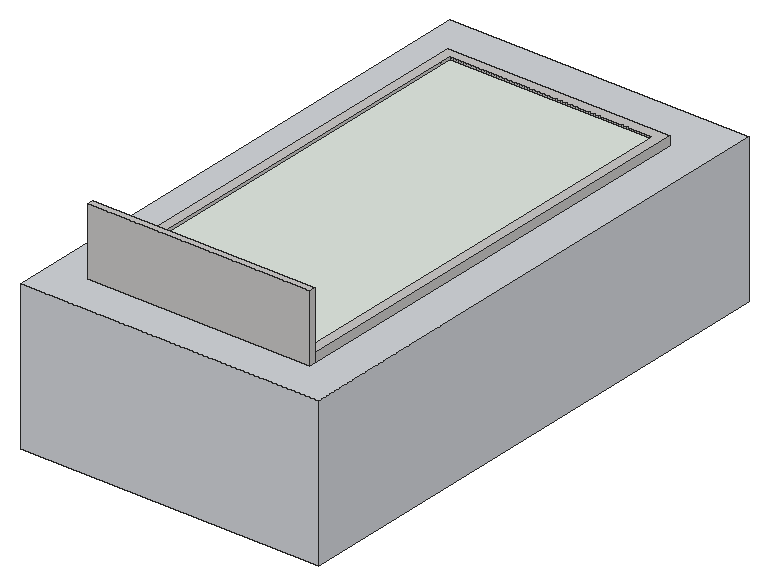
Revit family
Parameters
  Width [instance] = 18"
  Warranty Information = "Complete unit, excepting mirrors warranted for one year.\r\n Stainless steel mirror frames for fifteen years.\r\n Plate glass mirrors for fifteen years.\r\n This warranty does not cover installation or any other labor charges and does not apply to any units,\r\n which have been damaged by accident, abuse, improper installation, improper maintenance, or altered in any way."
  Version = "1.0"
  URL = "http://www.bradleycorp.com/"
  Type Comments = "ERROR - If you are able to see this message you haven't loaded this  family correctly."
  Total Width [instance] = if(and(and(not(Width > 96"), not(Width < 12")), not(Height < 25")), Width, if(and(and(not(Width > 96"), not(Width < 25")), not(Height > 25")), Width, if(and(not(Height > 25"), not(Width > 25")), 25", 24")))  # 18"
  Total Height [instance] = if(and(and(not(Height > 60"), not(Height < 12")), not(Width < 25")), Height, if(and(and(not(Height > 60"), not(Height < 25")), not(Width > 25")), Height, if(and(not(Height > 25"), not(Width > 25")), 25", 36")))  # 36"
  Reflective Material = Glass - Bradley Corp - BradEX - Polished Float Mirror
  OmniClass Title = "Mirrors"
  OmniClass Code = "23.40.95.17.17"
  Modeling Code = ""
  Model = "ERROR - If you are able to see this message you haven't loaded this  family correctly."
  MasterFormat Title = "Commercial Toilet Accessories"
  MasterFormat Number = "10 28 13. 13"
  Manufacturer = "Bradley Corporation"
  Industry Standards = "ASTM C 1036"
  Height [instance] = 36"
  Fire Rating = "n/a"
  Dimensional Limits [instance] = "Either Width or Hight must be over 25\""
  Description = "ERROR - If you are able to see this message you haven't loaded this  family correctly."
  Depth of Shelf = 5 1/2"
  Depth [instance] = 3/4"
  Default Elevation = 40"
  Copyright = "This Model Data is Property of Bradley Corporation"
  Frame Material = Bradley Corp Stainless Steel - Satin
  Buy American Act = "Yes"
  Assembly Code = "C1030900"
  ADA Compliant = "Yes"
Reference planes (in)
  plane 1 "Center (Front/Back)": y = 0
  plane 2: z = 0
  plane 3 "Center (Left/Right)": x = 0
  plane 4 "Top": y = 18
  plane 5 "Right": x = 9
  plane 6 "Bottom": y = -18
  plane 7 "Left": x = -9
  plane 8 "Front": z = 0.75
  plane 9 "Center (Elevation)": y = -17.25
Forms (in)
  Extrusion 1, solid
    sketch origin (0, 0, 0) x (1, 0, 0) y (0, 1, 0)
      loop
        line (-12, 22) -> (-12, -21.59035) -> (12.183, -21.59035) -> (12.183, 22) -> (-12, 22)
    from 0 to -12
  Extrusion 2, solid, material "Bradley Corp Stainless Steel - Satin" <- "Frame Material"
    sketch origin (0, 0, 0) x (1, 0, 0) y (0, 1, 0)
      loop
        line (-9, 18) -> (-9, -18) -> (9, -18) -> (9, 18) -> (-9, 18)
    from 0 to 0.75 <- "Depth"
  Extrusion 3, void
    sketch origin (0, 0, 0.75) x (-1, 0, 0) y (0, -1, 0)
      loop
        line (8.25, -17.25) -> (8.25, 17.25) -> (-8.25, 17.25) -> (-8.25, -17.25) -> (8.25, -17.25)
    from 0 to -0.375
  Extrusion 4, solid, material "Glass - Bradley Corp - BradEX - Polished Float Mirror" <- "Reflective Material"
    sketch origin (0, 0, 0.75) x (-1, 0, 0) y (0, -1, 0)
      loop
        line (8.25, -17.25) -> (8.25, 17.25) -> (-8.25, 17.25) -> (-8.25, -17.25) -> (8.25, -17.25)
    from -0.375 to -0.1875
  Extrusion 5, solid, material "Bradley Corp Stainless Steel - Satin" <- "Frame Material"
    sketch origin (0, 0, 0) x (1, 0, 0) y (0, 0, 1)
      loop
        line (-9, 0) -> (9, 0) -> (9, 5.5) -> (-9, 5.5) -> (-9, 0)
    from 18.5 to 18
Cuts and joins
  Extrusion 3 cuts Extrusion 2
Dimensions and locks (in)
  "Total Height": plane 6 "Bottom" to plane 4 "Top"
  equal spacing: plane 6 "Bottom", plane 1 "Center (Front/Back)", plane 4 "Top"
  "Total Width": plane 7 "Left" to plane 5 "Right"
  equal spacing: plane 7 "Left", plane 3 "Center (Left/Right)", plane 5 "Right"
  "Depth": plane 8 "Front" to plane 2
  "Depth": Extrusion 3 sketch curve to plane 6 "Bottom"
  "Depth": Extrusion 3 sketch curve to plane 4 "Top"
  "Depth": Extrusion 3 sketch curve to plane 5 "Right"
  "Depth": plane 7 "Left" to Extrusion 3 sketch curve
  equal spacing: plane 8 "Front", Extrusion 3, plane 2, locked at 0.375 each
  "Depth": plane 7 "Left" to Extrusion 4 sketch curve
  "Depth": Extrusion 4 sketch curve to plane 5 "Right"
  "Depth": Extrusion 4 sketch curve to plane 4 "Top"
  "Depth": Extrusion 4 sketch curve to plane 6 "Bottom"
  "Depth": plane 6 "Bottom" to plane 9 "Center (Elevation)"
  locked: plane 8 "Front" to Extrusion 4 at 0.1875
  "Depth of Shelf": Extrusion 5 sketch curve to plane 2
  locked: plane 6 "Bottom" to Extrusion 5 at 0.5
  aligned and locked: plane 2 to Extrusion 1
  aligned and locked: level to Extrusion 1
  aligned and locked: plane 7 "Left" to Extrusion 2 sketch curve
  aligned and locked: Extrusion 2 sketch curve to plane 4 "Top"
  aligned and locked: plane 6 "Bottom" to Extrusion 2 sketch curve
  aligned and locked: Extrusion 2 sketch curve to plane 5 "Right"
  aligned and locked: Extrusion 2 to plane 2
  aligned and locked: plane 8 "Front" to Extrusion 2
  aligned and locked: Extrusion 3 to plane 8 "Front"
  aligned and locked: Extrusion 4 to cut or joined group of Extrusion 2, Extrusion 3
  aligned and locked: Extrusion 5 sketch curve to cut or joined group of Extrusion 2, Extrusion 3  (x2)
  aligned and locked: plane 5 "Right" to Extrusion 5 sketch curve
  aligned and locked: plane 6 "Bottom" to Extrusion 5
Automatic sketch dimensions
  Extrusion 1 sketch curve to Extrusion 1 sketch curve = 24.183"
  Extrusion 1 sketch curve to Extrusion 1 sketch curve = 43.59035"
